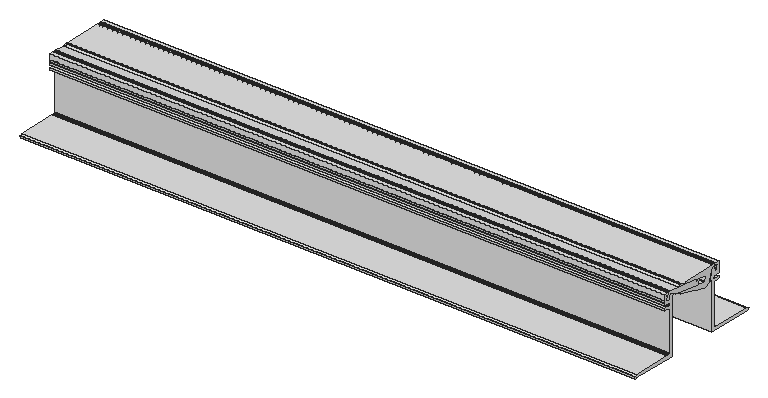
Revit family "Construction-Floors-Conecto-Aluminium Joints ALU AL.110.15", category Specialty Equipment, Revit 2015 (continued)
Definition of nested family "Standard"
  Automatic sketch dimensions
    level to Extrusion 10 sketch curve = 2.982 mm
    Extrusion 10 sketch curve to Extrusion 10 sketch curve = 0.616 mm
    level to Extrusion 10 sketch curve = 4.065 mm
    Extrusion 10 sketch curve to Extrusion 10 sketch curve = 0.46 mm
    Extrusion 10 sketch curve to Extrusion 10 sketch curve = 1.069 mm
    level to Extrusion 10 sketch curve = 4.898 mm
    Extrusion 10 sketch curve to Extrusion 10 sketch curve = 0.239 mm
    Extrusion 10 sketch curve to Extrusion 10 sketch curve = 0.299 mm
    level to Extrusion 10 sketch curve = 5.782 mm
    Extrusion 10 sketch curve to Extrusion 10 sketch curve = 0.14 mm
    Extrusion 10 sketch curve to Extrusion 10 sketch curve = 0.051 mm
    Extrusion 10 sketch curve to Extrusion 10 sketch curve = 0.96 mm
    Extrusion 10 sketch curve to Extrusion 10 sketch curve = 0.932 mm
    Extrusion 10 sketch curve to Extrusion 10 sketch curve = 0.703 mm
    Extrusion 10 sketch curve to Extrusion 10 sketch curve = 0.807 mm
    Extrusion 10 sketch curve to Extrusion 10 sketch curve = 0.86 mm
    Extrusion 10 sketch curve to Extrusion 10 sketch curve = 0.342 mm
    Extrusion 10 sketch curve to plane 6 = 14.683 mm
    Extrusion 10 sketch curve to Extrusion 10 sketch curve = 6.486 mm
    Extrusion 10 sketch curve to Extrusion 10 sketch curve = 0.821 mm
    level to Extrusion 10 sketch curve = 4.144 mm
    Extrusion 10 sketch curve to Extrusion 10 sketch curve = 0.721 mm
    Extrusion 10 sketch curve to Extrusion 10 sketch curve = 0.719 mm
    Extrusion 10 sketch curve to Extrusion 10 sketch curve = 0.829 mm
    Extrusion 10 sketch curve to Extrusion 10 sketch curve = 0.796 mm  (x2)
    Extrusion 10 sketch curve to Extrusion 10 sketch curve = 0.905 mm
    Extrusion 10 sketch curve to Extrusion 10 sketch curve = 0.964 mm
    Extrusion 10 sketch curve to Extrusion 10 sketch curve = 1.013 mm
    Extrusion 10 sketch curve to Extrusion 10 sketch curve = 0.867 mm
    Extrusion 10 sketch curve to Extrusion 10 sketch curve = 1.08 mm
    Extrusion 10 sketch curve to Extrusion 10 sketch curve = 0.826 mm
    Extrusion 10 sketch curve to Extrusion 10 sketch curve = 1.041 mm
    Extrusion 10 sketch curve to Extrusion 10 sketch curve = 0.869 mm
    Extrusion 10 sketch curve to Extrusion 10 sketch curve = 0.805 mm
    Extrusion 10 sketch curve to Extrusion 10 sketch curve = 0.791 mm
    Extrusion 10 sketch curve to Extrusion 10 sketch curve = 0.661 mm
    Extrusion 10 sketch curve to Extrusion 10 sketch curve = 0.6 mm
    Extrusion 10 sketch curve to Extrusion 10 sketch curve = 0.376 mm
    Extrusion 10 sketch curve to Extrusion 10 sketch curve = 0.465 mm
    Extrusion 10 sketch curve to Extrusion 10 sketch curve = 0.458 mm
    Extrusion 10 sketch curve to Extrusion 10 sketch curve = 0.345 mm
    Extrusion 10 sketch curve to Extrusion 10 sketch curve = 0.296 mm  (x2)
    Extrusion 10 sketch curve to Extrusion 10 sketch curve = 0.89 mm
    Extrusion 10 sketch curve to Extrusion 10 sketch curve = 0.179 mm
    Extrusion 10 sketch curve to Extrusion 10 sketch curve = 1.918 mm
    Extrusion 10 sketch curve to Extrusion 10 sketch curve = 1.017 mm
    Extrusion 10 sketch curve to Extrusion 10 sketch curve = 0.726 mm
    Extrusion 10 sketch curve to Extrusion 10 sketch curve = 0.9 mm
    Extrusion 10 sketch curve to Extrusion 10 sketch curve = 0.52 mm
    Extrusion 10 sketch curve to Extrusion 10 sketch curve = 1.176 mm
    Extrusion 10 sketch curve to Extrusion 10 sketch curve = 1.103 mm
    Extrusion 10 sketch curve to Extrusion 10 sketch curve = 0.335 mm
    Extrusion 10 sketch curve to Extrusion 10 sketch curve = 38.619 mm
    plane 5 to Extrusion 11 sketch curve = 76.237 mm
    Extrusion 11 sketch curve to Extrusion 11 sketch curve = 0.134 mm
    Extrusion 11 sketch curve to Extrusion 11 sketch curve = 0.685 mm  (x2)
    Extrusion 11 sketch curve to Extrusion 11 sketch curve = 0.826 mm
    Extrusion 11 sketch curve to Extrusion 11 sketch curve = 1.425 mm
    Extrusion 11 sketch curve to Extrusion 11 sketch curve = 2.078 mm
    plane 5 to Extrusion 11 sketch curve = 16.425 mm
    level to Extrusion 11 sketch curve = 5.747 mm
    Extrusion 11 sketch curve to Extrusion 11 sketch curve = 0.009 mm
    Extrusion 11 sketch curve to level = 2.04 mm
    Extrusion 11 sketch curve to Extrusion 11 sketch curve = 0.041 mm
    level to Extrusion 11 sketch curve = 1.308 mm
    Extrusion 11 sketch curve to Extrusion 11 sketch curve = 0.911 mm  (x2)
    Extrusion 11 sketch curve to Extrusion 11 sketch curve = 2.3 mm
    Extrusion 11 sketch curve to Extrusion 11 sketch curve = 2.339 mm
    Extrusion 11 sketch curve to Extrusion 11 sketch curve = 0.027 mm
    Extrusion 11 sketch curve to Extrusion 11 sketch curve = 0.499 mm
    Extrusion 11 sketch curve to Extrusion 11 sketch curve = 0.837 mm
    Extrusion 11 sketch curve to Extrusion 11 sketch curve = 0.786 mm  (x2)
    Extrusion 11 sketch curve to Extrusion 11 sketch curve = 0.774 mm  (x2)
    Extrusion 11 sketch curve to Extrusion 11 sketch curve = 0.425 mm
    Extrusion 11 sketch curve to Extrusion 11 sketch curve = 0.097 mm
    level to Extrusion 11 sketch curve = 4.708 mm
    Extrusion 11 sketch curve to Extrusion 11 sketch curve = 0.246 mm
    Extrusion 11 sketch curve to Extrusion 11 sketch curve = 0.831 mm
    level to Extrusion 11 sketch curve = 3.635 mm
    Extrusion 11 sketch curve to Extrusion 11 sketch curve = 0.349 mm
    Extrusion 11 sketch curve to Extrusion 11 sketch curve = 0.778 mm
    level to Extrusion 11 sketch curve = 2.711 mm
    Extrusion 11 sketch curve to Extrusion 11 sketch curve = 0.491 mm  (x2)
    plane 5 to Extrusion 11 sketch curve = 11.198 mm
    Extrusion 11 sketch curve to Extrusion 11 sketch curve = 0.697 mm
    Extrusion 11 sketch curve to Extrusion 11 sketch curve = 3.355 mm
    level to Extrusion 11 sketch curve = 2.329 mm
    Extrusion 11 sketch curve to Extrusion 11 sketch curve = 0.719 mm
    Extrusion 11 sketch curve to Extrusion 11 sketch curve = 0.595 mm
    Extrusion 11 sketch curve to Extrusion 11 sketch curve = 0.672 mm
    Extrusion 11 sketch curve to Extrusion 11 sketch curve = 0.908 mm
    Extrusion 11 sketch curve to Extrusion 11 sketch curve = 0.74 mm
    Extrusion 11 sketch curve to Extrusion 11 sketch curve = 0.885 mm  (x2)
    Extrusion 11 sketch curve to Extrusion 11 sketch curve = 0.607 mm
    Extrusion 11 sketch curve to level = 1.543 mm
    Extrusion 11 sketch curve to Extrusion 11 sketch curve = 0.827 mm
    Extrusion 11 sketch curve to Extrusion 11 sketch curve = 2.153 mm
    Extrusion 11 sketch curve to Extrusion 11 sketch curve = 0.459 mm
    Extrusion 11 sketch curve to Extrusion 11 sketch curve = 0.775 mm
    Extrusion 11 sketch curve to level = 1.317 mm
    Extrusion 11 sketch curve to Extrusion 11 sketch curve = 0.787 mm
    Extrusion 11 sketch curve to Extrusion 11 sketch curve = 4.161 mm
    Extrusion 11 sketch curve to Extrusion 11 sketch curve = 0.155 mm
    Extrusion 11 sketch curve to Extrusion 11 sketch curve = 2.645 mm
    Extrusion 11 sketch curve to Extrusion 11 sketch curve = 0.258 mm
    Extrusion 11 sketch curve to Extrusion 11 sketch curve = 0.789 mm
    Extrusion 11 sketch curve to Extrusion 11 sketch curve = 0.379 mm
    Extrusion 11 sketch curve to Extrusion 11 sketch curve = 0.889 mm
    Extrusion 11 sketch curve to Extrusion 11 sketch curve = 0.488 mm
    Extrusion 11 sketch curve to Extrusion 11 sketch curve = 1.704 mm
    level to Extrusion 11 sketch curve = 2.643 mm
    Extrusion 11 sketch curve to Extrusion 11 sketch curve = 0.741 mm
    Extrusion 11 sketch curve to Extrusion 11 sketch curve = 0.656 mm  (x2)
    level to Extrusion 11 sketch curve = 3.382 mm
    Extrusion 11 sketch curve to Extrusion 11 sketch curve = 0.298 mm
    Extrusion 11 sketch curve to Extrusion 11 sketch curve = 0.771 mm
    Extrusion 11 sketch curve to level = 1.619 mm
    Extrusion 11 sketch curve to Extrusion 11 sketch curve = 0.877 mm
    Extrusion 11 sketch curve to Extrusion 11 sketch curve = 0.492 mm
    Extrusion 11 sketch curve to Extrusion 11 sketch curve = 0.714 mm
    Extrusion 11 sketch curve to Extrusion 11 sketch curve = 0.418 mm
    Extrusion 11 sketch curve to Extrusion 11 sketch curve = 0.776 mm
    Extrusion 11 sketch curve to level = 2.093 mm
    Extrusion 11 sketch curve to Extrusion 11 sketch curve = 0.629 mm
    Extrusion 11 sketch curve to Extrusion 11 sketch curve = 0.721 mm
    Extrusion 11 sketch curve to Extrusion 11 sketch curve = 0.523 mm
    Extrusion 11 sketch curve to Extrusion 11 sketch curve = 0.922 mm
    Extrusion 11 sketch curve to Extrusion 11 sketch curve = 0.347 mm
    Extrusion 11 sketch curve to Extrusion 11 sketch curve = 0.484 mm
    Extrusion 11 sketch curve to Extrusion 11 sketch curve = 0.085 mm
    Extrusion 11 sketch curve to Extrusion 11 sketch curve = 0.931 mm
    Extrusion 11 sketch curve to Extrusion 11 sketch curve = 0.833 mm
    level to Extrusion 11 sketch curve = 0.382 mm
    plane 5 to Extrusion 11 sketch curve = 2.025 mm  (x2)
    Extrusion 11 sketch curve to Extrusion 11 sketch curve = 0.81 mm
    plane 5 to Extrusion 11 sketch curve = 0.891 mm  (x2)
    plane 5 to Extrusion 11 sketch curve = 0.11 mm
    Extrusion 11 sketch curve to Extrusion 11 sketch curve = 0.601 mm
    Extrusion 11 sketch curve to level = 2.913 mm
    Extrusion 11 sketch curve to Extrusion 11 sketch curve = 0.78 mm
    Extrusion 11 sketch curve to Extrusion 11 sketch curve = 0.804 mm
    Extrusion 11 sketch curve to Extrusion 11 sketch curve = 0.811 mm
    Extrusion 11 sketch curve to Extrusion 11 sketch curve = 2.532 mm
    Extrusion 11 sketch curve to Extrusion 11 sketch curve = 0.993 mm
    Extrusion 11 sketch curve to Extrusion 11 sketch curve = 0.391 mm
    Extrusion 11 sketch curve to Extrusion 11 sketch curve = 0.063 mm
    Extrusion 11 sketch curve to Extrusion 11 sketch curve = 0.673 mm
    Extrusion 11 sketch curve to Extrusion 11 sketch curve = 0.38 mm
    Extrusion 11 sketch curve to Extrusion 11 sketch curve = 0.252 mm
    Extrusion 11 sketch curve to Extrusion 11 sketch curve = 0.151 mm
    Extrusion 11 sketch curve to Extrusion 11 sketch curve = 3.295 mm
    Extrusion 11 sketch curve to Extrusion 11 sketch curve = 2.553 mm
    Extrusion 11 sketch curve to Extrusion 11 sketch curve = 0.406 mm
    Extrusion 11 sketch curve to Extrusion 11 sketch curve = 3.77 mm
    Extrusion 11 sketch curve to Extrusion 11 sketch curve = 0.794 mm
    Extrusion 11 sketch curve to Extrusion 11 sketch curve = 63.318 mm
    Extrusion 11 sketch curve to Extrusion 11 sketch curve = 1.56 mm
    Extrusion 11 sketch curve to Extrusion 11 sketch curve = 0.918 mm
    Extrusion 11 sketch curve to Extrusion 11 sketch curve = 0.284 mm
    Extrusion 11 sketch curve to Extrusion 11 sketch curve = 0.587 mm
    Extrusion 11 sketch curve to Extrusion 11 sketch curve = 1.2 mm
    Extrusion 11 sketch curve to Extrusion 11 sketch curve = 1.911 mm
    Extrusion 11 sketch curve to Extrusion 11 sketch curve = 0.578 mm
    Extrusion 11 sketch curve to Extrusion 11 sketch curve = 4.832 mm
    level to Extrusion 11 sketch curve = 0.222 mm
    Extrusion 11 sketch curve to Extrusion 11 sketch curve = 0.912 mm
    Extrusion 11 sketch curve to Extrusion 11 sketch curve = 0.917 mm
    Extrusion 11 sketch curve to Extrusion 11 sketch curve = 2.428 mm
    Extrusion 11 sketch curve to Extrusion 11 sketch curve = 0.795 mm
    Extrusion 11 sketch curve to Extrusion 11 sketch curve = 0.87 mm
    Extrusion 11 sketch curve to Extrusion 11 sketch curve = 2.001 mm
    Extrusion 11 sketch curve to Extrusion 11 sketch curve = 1.1 mm
    Extrusion 11 sketch curve to Extrusion 11 sketch curve = 1.105 mm
    Extrusion 11 sketch curve to Extrusion 11 sketch curve = 1.16 mm
    Extrusion 11 sketch curve to Extrusion 11 sketch curve = 0.798 mm
    Extrusion 11 sketch curve to Extrusion 11 sketch curve = 0.812 mm
    Extrusion 11 sketch curve to Extrusion 11 sketch curve = 1.3 mm
    Extrusion 11 sketch curve to Extrusion 11 sketch curve = 1.589 mm
    Extrusion 11 sketch curve to Extrusion 11 sketch curve = 0.729 mm
    Extrusion 11 sketch curve to Extrusion 11 sketch curve = 0.181 mm
    Extrusion 11 sketch curve to Extrusion 11 sketch curve = 0.71 mm
    Extrusion 11 sketch curve to Extrusion 11 sketch curve = 0.699 mm
    Extrusion 11 sketch curve to Extrusion 11 sketch curve = 0.638 mm
    Extrusion 11 sketch curve to Extrusion 11 sketch curve = 0.506 mm
    Extrusion 11 sketch curve to Extrusion 11 sketch curve = 0.373 mm
    Extrusion 11 sketch curve to Extrusion 11 sketch curve = 0.208 mm
    Extrusion 11 sketch curve to Extrusion 11 sketch curve = 0.144 mm
    Extrusion 11 sketch curve to Extrusion 11 sketch curve = 1.895 mm
    Extrusion 11 sketch curve to Extrusion 11 sketch curve = 0.735 mm
    Extrusion 11 sketch curve to Extrusion 11 sketch curve = 1.073 mm
    Extrusion 11 sketch curve to Extrusion 11 sketch curve = 0.031 mm
    Extrusion 11 sketch curve to Extrusion 11 sketch curve = 0.237 mm
    Extrusion 11 sketch curve to Extrusion 11 sketch curve = 0.765 mm
    Extrusion 11 sketch curve to Extrusion 11 sketch curve = 2.288 mm
    plane 5 to Extrusion 12 sketch curve = 76.237 mm
    Extrusion 12 sketch curve to Extrusion 12 sketch curve = 0.134 mm
    Extrusion 12 sketch curve to Extrusion 12 sketch curve = 0.685 mm  (x2)
    Extrusion 12 sketch curve to Extrusion 12 sketch curve = 0.826 mm
    Extrusion 12 sketch curve to Extrusion 12 sketch curve = 1.425 mm
    Extrusion 12 sketch curve to Extrusion 12 sketch curve = 2.071 mm
    Extrusion 12 sketch curve to level = 6.536 mm
    plane 5 to Extrusion 12 sketch curve = 16.425 mm
    level to Extrusion 12 sketch curve = 5.747 mm
    Extrusion 12 sketch curve to Extrusion 12 sketch curve = 0.009 mm
    Extrusion 12 sketch curve to level = 2.04 mm
    Extrusion 12 sketch curve to Extrusion 12 sketch curve = 0.041 mm
    level to Extrusion 12 sketch curve = 1.308 mm
    Extrusion 12 sketch curve to Extrusion 12 sketch curve = 0.911 mm  (x2)
    Extrusion 12 sketch curve to Extrusion 12 sketch curve = 2.3 mm
    Extrusion 12 sketch curve to Extrusion 12 sketch curve = 2.339 mm
    Extrusion 12 sketch curve to Extrusion 12 sketch curve = 0.027 mm
    Extrusion 12 sketch curve to Extrusion 12 sketch curve = 0.499 mm
    Extrusion 12 sketch curve to Extrusion 12 sketch curve = 0.837 mm
    Extrusion 12 sketch curve to Extrusion 12 sketch curve = 0.786 mm  (x2)
    Extrusion 12 sketch curve to Extrusion 12 sketch curve = 0.774 mm  (x2)
    Extrusion 12 sketch curve to Extrusion 12 sketch curve = 0.425 mm
    Extrusion 12 sketch curve to Extrusion 12 sketch curve = 0.097 mm
    level to Extrusion 12 sketch curve = 4.708 mm
    Extrusion 12 sketch curve to Extrusion 12 sketch curve = 0.246 mm
    Extrusion 12 sketch curve to Extrusion 12 sketch curve = 0.831 mm
    level to Extrusion 12 sketch curve = 3.635 mm
    Extrusion 12 sketch curve to Extrusion 12 sketch curve = 0.349 mm
    Extrusion 12 sketch curve to Extrusion 12 sketch curve = 0.778 mm
    level to Extrusion 12 sketch curve = 2.711 mm
    Extrusion 12 sketch curve to Extrusion 12 sketch curve = 0.491 mm  (x2)
    Extrusion 12 sketch curve to Extrusion 12 sketch curve = 0.697 mm
    Extrusion 12 sketch curve to Extrusion 12 sketch curve = 3.355 mm
    level to Extrusion 12 sketch curve = 2.329 mm
    Extrusion 12 sketch curve to Extrusion 12 sketch curve = 0.719 mm
    Extrusion 12 sketch curve to Extrusion 12 sketch curve = 0.595 mm
    Extrusion 12 sketch curve to Extrusion 12 sketch curve = 0.672 mm
    Extrusion 12 sketch curve to Extrusion 12 sketch curve = 0.908 mm
    Extrusion 12 sketch curve to Extrusion 12 sketch curve = 0.74 mm
    Extrusion 12 sketch curve to Extrusion 12 sketch curve = 0.885 mm  (x2)
    Extrusion 12 sketch curve to Extrusion 12 sketch curve = 0.607 mm
    Extrusion 12 sketch curve to level = 1.543 mm
    Extrusion 12 sketch curve to Extrusion 12 sketch curve = 0.827 mm
    Extrusion 12 sketch curve to Extrusion 12 sketch curve = 0.459 mm
    plane 5 to Extrusion 12 sketch curve = 8.705 mm
    Extrusion 12 sketch curve to Extrusion 12 sketch curve = 0.775 mm
    Extrusion 12 sketch curve to level = 1.317 mm
    Extrusion 12 sketch curve to Extrusion 12 sketch curve = 0.787 mm
    Extrusion 12 sketch curve to Extrusion 12 sketch curve = 4.161 mm
    Extrusion 12 sketch curve to Extrusion 12 sketch curve = 0.155 mm
    Extrusion 12 sketch curve to Extrusion 12 sketch curve = 2.645 mm
    Extrusion 12 sketch curve to Extrusion 12 sketch curve = 0.258 mm
    Extrusion 12 sketch curve to Extrusion 12 sketch curve = 0.789 mm
    Extrusion 12 sketch curve to Extrusion 12 sketch curve = 0.379 mm
    Extrusion 12 sketch curve to Extrusion 12 sketch curve = 0.889 mm
    Extrusion 12 sketch curve to Extrusion 12 sketch curve = 0.488 mm
    level to Extrusion 12 sketch curve = 2.643 mm
    Extrusion 12 sketch curve to Extrusion 12 sketch curve = 0.741 mm
    Extrusion 12 sketch curve to Extrusion 12 sketch curve = 0.656 mm  (x2)
    level to Extrusion 12 sketch curve = 3.382 mm
    Extrusion 12 sketch curve to Extrusion 12 sketch curve = 0.298 mm
    Extrusion 12 sketch curve to Extrusion 12 sketch curve = 2.115 mm
    Extrusion 12 sketch curve to level = 1.619 mm
    Extrusion 12 sketch curve to Extrusion 12 sketch curve = 0.877 mm
    Extrusion 12 sketch curve to Extrusion 12 sketch curve = 0.492 mm
    Extrusion 12 sketch curve to Extrusion 12 sketch curve = 0.714 mm
    Extrusion 12 sketch curve to Extrusion 12 sketch curve = 0.273 mm
    Extrusion 12 sketch curve to Extrusion 12 sketch curve = 0.776 mm
    Extrusion 12 sketch curve to level = 2.093 mm
    Extrusion 12 sketch curve to Extrusion 12 sketch curve = 0.629 mm
    Extrusion 12 sketch curve to Extrusion 12 sketch curve = 0.721 mm
    Extrusion 12 sketch curve to Extrusion 12 sketch curve = 0.523 mm
    Extrusion 12 sketch curve to Extrusion 12 sketch curve = 0.922 mm
    Extrusion 12 sketch curve to Extrusion 12 sketch curve = 0.347 mm
    Extrusion 12 sketch curve to Extrusion 12 sketch curve = 0.484 mm
    Extrusion 12 sketch curve to Extrusion 12 sketch curve = 0.085 mm
    Extrusion 12 sketch curve to Extrusion 12 sketch curve = 0.931 mm
    Extrusion 12 sketch curve to Extrusion 12 sketch curve = 0.833 mm
    plane 5 to Extrusion 12 sketch curve = 2.025 mm  (x2)
    level to Extrusion 12 sketch curve = 0.382 mm
    Extrusion 12 sketch curve to Extrusion 12 sketch curve = 0.81 mm
    plane 5 to Extrusion 12 sketch curve = 0.891 mm  (x2)
    plane 5 to Extrusion 12 sketch curve = 0.11 mm
    Extrusion 12 sketch curve to Extrusion 12 sketch curve = 0.218 mm
    Extrusion 12 sketch curve to Extrusion 12 sketch curve = 0.428 mm
    Extrusion 12 sketch curve to Extrusion 12 sketch curve = 0.38 mm
    Extrusion 12 sketch curve to Extrusion 12 sketch curve = 0.252 mm
    Extrusion 12 sketch curve to Extrusion 12 sketch curve = 0.151 mm
    Extrusion 12 sketch curve to Extrusion 12 sketch curve = 1.986 mm
    Extrusion 12 sketch curve to Extrusion 12 sketch curve = 2.553 mm
    Extrusion 12 sketch curve to Extrusion 12 sketch curve = 0.406 mm
    Extrusion 12 sketch curve to Extrusion 12 sketch curve = 3.77 mm
    Extrusion 12 sketch curve to Extrusion 12 sketch curve = 0.794 mm
    Extrusion 12 sketch curve to Extrusion 12 sketch curve = 53.088 mm
    Extrusion 12 sketch curve to Extrusion 12 sketch curve = 1.637 mm
    Extrusion 12 sketch curve to Extrusion 12 sketch curve = 1.221 mm
    Extrusion 12 sketch curve to Extrusion 12 sketch curve = 1.196 mm
    Extrusion 12 sketch curve to Extrusion 12 sketch curve = 1.911 mm
    Extrusion 12 sketch curve to Extrusion 12 sketch curve = 0.578 mm
    Extrusion 12 sketch curve to Extrusion 12 sketch curve = 0.175 mm
    Extrusion 12 sketch curve to Extrusion 12 sketch curve = 0.673 mm
    Extrusion 12 sketch curve to Extrusion 12 sketch curve = 3.295 mm
    Extrusion 12 sketch curve to Extrusion 12 sketch curve = 0.993 mm
    Extrusion 12 sketch curve to Extrusion 12 sketch curve = 0.811 mm
    Extrusion 12 sketch curve to Extrusion 12 sketch curve = 0.804 mm
    Extrusion 12 sketch curve to Extrusion 12 sketch curve = 2.532 mm
    Extrusion 12 sketch curve to Extrusion 12 sketch curve = 0.601 mm
    level to Extrusion 12 sketch curve = 0.222 mm
    Extrusion 12 sketch curve to Extrusion 12 sketch curve = 0.912 mm
    Extrusion 12 sketch curve to Extrusion 12 sketch curve = 0.917 mm
    Extrusion 12 sketch curve to Extrusion 12 sketch curve = 2.428 mm
    Extrusion 12 sketch curve to Extrusion 12 sketch curve = 0.795 mm
    Extrusion 12 sketch curve to Extrusion 12 sketch curve = 0.87 mm
    Extrusion 12 sketch curve to Extrusion 12 sketch curve = 2.001 mm
    Extrusion 12 sketch curve to Extrusion 12 sketch curve = 1.1 mm
    Extrusion 12 sketch curve to Extrusion 12 sketch curve = 1.105 mm
    Extrusion 12 sketch curve to Extrusion 12 sketch curve = 1.16 mm
    Extrusion 12 sketch curve to Extrusion 12 sketch curve = 0.798 mm
    Extrusion 12 sketch curve to Extrusion 12 sketch curve = 0.812 mm
    Extrusion 12 sketch curve to Extrusion 12 sketch curve = 1.3 mm
    Extrusion 12 sketch curve to Extrusion 12 sketch curve = 1.589 mm
    Extrusion 12 sketch curve to Extrusion 12 sketch curve = 0.729 mm
    Extrusion 12 sketch curve to Extrusion 12 sketch curve = 0.181 mm
    Extrusion 12 sketch curve to Extrusion 12 sketch curve = 0.71 mm
    Extrusion 12 sketch curve to Extrusion 12 sketch curve = 0.699 mm
    Extrusion 12 sketch curve to Extrusion 12 sketch curve = 0.638 mm
    Extrusion 12 sketch curve to Extrusion 12 sketch curve = 0.506 mm
    Extrusion 12 sketch curve to Extrusion 12 sketch curve = 0.373 mm
    Extrusion 12 sketch curve to Extrusion 12 sketch curve = 0.208 mm
    Extrusion 12 sketch curve to Extrusion 12 sketch curve = 0.144 mm
    Extrusion 12 sketch curve to Extrusion 12 sketch curve = 1.895 mm
    Extrusion 12 sketch curve to Extrusion 12 sketch curve = 0.735 mm
    Extrusion 12 sketch curve to Extrusion 12 sketch curve = 1.073 mm
    Extrusion 12 sketch curve to Extrusion 12 sketch curve = 0.031 mm
    Extrusion 12 sketch curve to Extrusion 12 sketch curve = 0.237 mm
    Extrusion 12 sketch curve to Extrusion 12 sketch curve = 0.765 mm
    Extrusion 12 sketch curve to Extrusion 12 sketch curve = 1.007 mm
    plane 5 to Extrusion 13 sketch curve = 76.337 mm
    Extrusion 13 sketch curve to Extrusion 13 sketch curve = 0.134 mm
    Extrusion 13 sketch curve to Extrusion 13 sketch curve = 0.685 mm  (x2)
    Extrusion 13 sketch curve to Extrusion 13 sketch curve = 0.826 mm
    Extrusion 13 sketch curve to Extrusion 13 sketch curve = 1.425 mm
    Extrusion 13 sketch curve to Extrusion 13 sketch curve = 2.203 mm
    Extrusion 13 sketch curve to level = 6.536 mm
    plane 5 to Extrusion 13 sketch curve = 16.425 mm
    level to Extrusion 13 sketch curve = 5.747 mm
    Extrusion 13 sketch curve to Extrusion 13 sketch curve = 0.009 mm
    level to Extrusion 13 sketch curve = 0.222 mm
    Extrusion 13 sketch curve to Extrusion 13 sketch curve = 0.032 mm
    level to Extrusion 13 sketch curve = 1.308 mm
    Extrusion 13 sketch curve to Extrusion 13 sketch curve = 0.911 mm  (x2)
    Extrusion 13 sketch curve to Extrusion 13 sketch curve = 2.3 mm
    Extrusion 13 sketch curve to Extrusion 13 sketch curve = 2.339 mm
    Extrusion 13 sketch curve to Extrusion 13 sketch curve = 0.027 mm
    Extrusion 13 sketch curve to Extrusion 13 sketch curve = 0.499 mm
    Extrusion 13 sketch curve to Extrusion 13 sketch curve = 0.837 mm
    Extrusion 13 sketch curve to Extrusion 13 sketch curve = 0.786 mm  (x2)
    Extrusion 13 sketch curve to Extrusion 13 sketch curve = 0.774 mm  (x2)
    Extrusion 13 sketch curve to Extrusion 13 sketch curve = 0.425 mm
    Extrusion 13 sketch curve to Extrusion 13 sketch curve = 0.097 mm
    level to Extrusion 13 sketch curve = 4.708 mm
    Extrusion 13 sketch curve to Extrusion 13 sketch curve = 0.246 mm
    Extrusion 13 sketch curve to Extrusion 13 sketch curve = 0.831 mm
    level to Extrusion 13 sketch curve = 3.635 mm
    Extrusion 13 sketch curve to Extrusion 13 sketch curve = 0.349 mm
    Extrusion 13 sketch curve to Extrusion 13 sketch curve = 0.778 mm
    level to Extrusion 13 sketch curve = 2.711 mm
    Extrusion 13 sketch curve to Extrusion 13 sketch curve = 0.491 mm  (x2)
    plane 5 to Extrusion 13 sketch curve = 11.216 mm
    Extrusion 13 sketch curve to Extrusion 13 sketch curve = 0.697 mm
    Extrusion 13 sketch curve to Extrusion 13 sketch curve = 3.355 mm
    Extrusion 13 sketch curve to Extrusion 13 sketch curve = 0.719 mm
    Extrusion 13 sketch curve to Extrusion 13 sketch curve = 0.595 mm
    Extrusion 13 sketch curve to level = 2.04 mm
    Extrusion 13 sketch curve to Extrusion 13 sketch curve = 0.672 mm
    Extrusion 13 sketch curve to Extrusion 13 sketch curve = 0.908 mm
    Extrusion 13 sketch curve to Extrusion 13 sketch curve = 0.74 mm
    Extrusion 13 sketch curve to Extrusion 13 sketch curve = 0.885 mm  (x2)
    Extrusion 13 sketch curve to Extrusion 13 sketch curve = 0.607 mm
    Extrusion 13 sketch curve to level = 1.543 mm
    Extrusion 13 sketch curve to Extrusion 13 sketch curve = 0.827 mm
    Extrusion 13 sketch curve to Extrusion 13 sketch curve = 0.459 mm
    Extrusion 13 sketch curve to Extrusion 13 sketch curve = 0.775 mm
    Extrusion 13 sketch curve to Extrusion 13 sketch curve = 2.808 mm
    Extrusion 13 sketch curve to Extrusion 13 sketch curve = 0.787 mm
    Extrusion 13 sketch curve to Extrusion 13 sketch curve = 4.161 mm
    Extrusion 13 sketch curve to Extrusion 13 sketch curve = 0.155 mm
    level to Extrusion 13 sketch curve = 2.329 mm
    Extrusion 13 sketch curve to Extrusion 13 sketch curve = 2.645 mm
    Extrusion 13 sketch curve to Extrusion 13 sketch curve = 0.258 mm
    Extrusion 13 sketch curve to Extrusion 13 sketch curve = 0.789 mm
    Extrusion 13 sketch curve to Extrusion 13 sketch curve = 0.379 mm
    Extrusion 13 sketch curve to Extrusion 13 sketch curve = 0.889 mm
    Extrusion 13 sketch curve to Extrusion 13 sketch curve = 0.488 mm
    level to Extrusion 13 sketch curve = 2.643 mm
    Extrusion 13 sketch curve to Extrusion 13 sketch curve = 0.741 mm
    Extrusion 13 sketch curve to Extrusion 13 sketch curve = 1.325 mm
    Extrusion 13 sketch curve to Extrusion 13 sketch curve = 0.656 mm  (x2)
    level to Extrusion 13 sketch curve = 3.382 mm
    Extrusion 13 sketch curve to Extrusion 13 sketch curve = 0.298 mm
    Extrusion 13 sketch curve to level = 1.619 mm
    Extrusion 13 sketch curve to Extrusion 13 sketch curve = 0.877 mm
    Extrusion 13 sketch curve to Extrusion 13 sketch curve = 0.492 mm
    Extrusion 13 sketch curve to Extrusion 13 sketch curve = 0.714 mm
    Extrusion 13 sketch curve to Extrusion 13 sketch curve = 0.273 mm
    Extrusion 13 sketch curve to Extrusion 13 sketch curve = 0.776 mm
    Extrusion 13 sketch curve to level = 2.093 mm
    Extrusion 13 sketch curve to Extrusion 13 sketch curve = 0.629 mm
    Extrusion 13 sketch curve to Extrusion 13 sketch curve = 0.721 mm
    Extrusion 13 sketch curve to Extrusion 13 sketch curve = 0.523 mm
    Extrusion 13 sketch curve to Extrusion 13 sketch curve = 0.922 mm
    Extrusion 13 sketch curve to Extrusion 13 sketch curve = 0.347 mm
    Extrusion 13 sketch curve to Extrusion 13 sketch curve = 0.484 mm
    Extrusion 13 sketch curve to Extrusion 13 sketch curve = 0.085 mm
    Extrusion 13 sketch curve to Extrusion 13 sketch curve = 0.931 mm
    Extrusion 13 sketch curve to Extrusion 13 sketch curve = 0.833 mm
    plane 5 to Extrusion 13 sketch curve = 2.025 mm  (x2)
    level to Extrusion 13 sketch curve = 0.382 mm
    Extrusion 13 sketch curve to Extrusion 13 sketch curve = 0.81 mm
    plane 5 to Extrusion 13 sketch curve = 0.891 mm  (x2)
    plane 5 to Extrusion 13 sketch curve = 0.11 mm
    Extrusion 13 sketch curve to Extrusion 13 sketch curve = 0.218 mm
    Extrusion 13 sketch curve to Extrusion 13 sketch curve = 0.428 mm
    Extrusion 13 sketch curve to Extrusion 13 sketch curve = 0.38 mm
    Extrusion 13 sketch curve to Extrusion 13 sketch curve = 0.252 mm
    Extrusion 13 sketch curve to Extrusion 13 sketch curve = 0.151 mm
    Extrusion 13 sketch curve to Extrusion 13 sketch curve = 1.986 mm
    Extrusion 13 sketch curve to Extrusion 13 sketch curve = 2.553 mm
    Extrusion 13 sketch curve to Extrusion 13 sketch curve = 0.406 mm
    Extrusion 13 sketch curve to Extrusion 13 sketch curve = 3.77 mm
    Extrusion 13 sketch curve to Extrusion 13 sketch curve = 0.794 mm
    Extrusion 13 sketch curve to Extrusion 13 sketch curve = 44.368 mm
    Extrusion 13 sketch curve to Extrusion 13 sketch curve = 1.15 mm
    Extrusion 13 sketch curve to level = 57.724 mm
    Extrusion 13 sketch curve to Extrusion 13 sketch curve = 0.704 mm
    Extrusion 13 sketch curve to Extrusion 13 sketch curve = 1.272 mm
    Extrusion 13 sketch curve to Extrusion 13 sketch curve = 1.911 mm
    Extrusion 13 sketch curve to Extrusion 13 sketch curve = 0.578 mm
    Extrusion 13 sketch curve to Extrusion 13 sketch curve = 5.129 mm
    Extrusion 13 sketch curve to Extrusion 13 sketch curve = 0.673 mm
    Extrusion 13 sketch curve to Extrusion 13 sketch curve = 3.295 mm
    Extrusion 13 sketch curve to Extrusion 13 sketch curve = 0.993 mm
    Extrusion 13 sketch curve to Extrusion 13 sketch curve = 0.811 mm
    Extrusion 13 sketch curve to Extrusion 13 sketch curve = 0.804 mm
    Extrusion 13 sketch curve to Extrusion 13 sketch curve = 2.532 mm
    Extrusion 13 sketch curve to Extrusion 13 sketch curve = 0.601 mm
    Extrusion 13 sketch curve to Extrusion 13 sketch curve = 0.302 mm
    Extrusion 13 sketch curve to Extrusion 13 sketch curve = 0.912 mm
    Extrusion 13 sketch curve to Extrusion 13 sketch curve = 0.917 mm
    Extrusion 13 sketch curve to Extrusion 13 sketch curve = 2.428 mm
    Extrusion 13 sketch curve to Extrusion 13 sketch curve = 0.795 mm
    Extrusion 13 sketch curve to Extrusion 13 sketch curve = 0.87 mm
    Extrusion 13 sketch curve to Extrusion 13 sketch curve = 2.001 mm
    Extrusion 13 sketch curve to Extrusion 13 sketch curve = 1.1 mm
    Extrusion 13 sketch curve to Extrusion 13 sketch curve = 1.105 mm
    Extrusion 13 sketch curve to Extrusion 13 sketch curve = 1.16 mm
    Extrusion 13 sketch curve to Extrusion 13 sketch curve = 0.798 mm
    Extrusion 13 sketch curve to Extrusion 13 sketch curve = 0.812 mm
    Extrusion 13 sketch curve to Extrusion 13 sketch curve = 1.3 mm
    Extrusion 13 sketch curve to Extrusion 13 sketch curve = 1.589 mm
    Extrusion 13 sketch curve to Extrusion 13 sketch curve = 0.729 mm
    Extrusion 13 sketch curve to Extrusion 13 sketch curve = 0.181 mm
    Extrusion 13 sketch curve to Extrusion 13 sketch curve = 0.71 mm
    Extrusion 13 sketch curve to Extrusion 13 sketch curve = 0.699 mm
    Extrusion 13 sketch curve to Extrusion 13 sketch curve = 0.638 mm
    Extrusion 13 sketch curve to Extrusion 13 sketch curve = 0.506 mm
    Extrusion 13 sketch curve to Extrusion 13 sketch curve = 0.373 mm
    Extrusion 13 sketch curve to Extrusion 13 sketch curve = 0.208 mm
    Extrusion 13 sketch curve to Extrusion 13 sketch curve = 0.144 mm
    Extrusion 13 sketch curve to Extrusion 13 sketch curve = 1.895 mm
    Extrusion 13 sketch curve to Extrusion 13 sketch curve = 0.735 mm
    Extrusion 13 sketch curve to Extrusion 13 sketch curve = 1.073 mm
    Extrusion 13 sketch curve to Extrusion 13 sketch curve = 0.031 mm
    Extrusion 13 sketch curve to Extrusion 13 sketch curve = 0.237 mm
    Extrusion 13 sketch curve to Extrusion 13 sketch curve = 0.765 mm
    Extrusion 13 sketch curve to Extrusion 13 sketch curve = 2.288 mm
    plane 5 to Extrusion 14 sketch curve = 76.26 mm
    Extrusion 14 sketch curve to Extrusion 14 sketch curve = 0.134 mm
    Extrusion 14 sketch curve to Extrusion 14 sketch curve = 0.685 mm  (x2)
    Extrusion 14 sketch curve to Extrusion 14 sketch curve = 0.826 mm
    Extrusion 14 sketch curve to Extrusion 14 sketch curve = 1.425 mm
    Extrusion 14 sketch curve to Extrusion 14 sketch curve = 2.063 mm
    Extrusion 14 sketch curve to level = 6.537 mm
    plane 5 to Extrusion 14 sketch curve = 16.424 mm
    level to Extrusion 14 sketch curve = 5.747 mm
    Extrusion 14 sketch curve to Extrusion 14 sketch curve = 0.009 mm
    level to Extrusion 14 sketch curve = 0.222 mm
    Extrusion 14 sketch curve to Extrusion 14 sketch curve = 0.032 mm
    level to Extrusion 14 sketch curve = 1.308 mm
    Extrusion 14 sketch curve to Extrusion 14 sketch curve = 0.911 mm  (x2)
    Extrusion 14 sketch curve to Extrusion 14 sketch curve = 2.3 mm
    Extrusion 14 sketch curve to Extrusion 14 sketch curve = 2.339 mm
    Extrusion 14 sketch curve to Extrusion 14 sketch curve = 0.027 mm
    Extrusion 14 sketch curve to Extrusion 14 sketch curve = 0.499 mm
    Extrusion 14 sketch curve to Extrusion 14 sketch curve = 0.837 mm
    Extrusion 14 sketch curve to Extrusion 14 sketch curve = 0.786 mm  (x2)
    Extrusion 14 sketch curve to Extrusion 14 sketch curve = 0.774 mm  (x2)
    Extrusion 14 sketch curve to Extrusion 14 sketch curve = 0.425 mm
    Extrusion 14 sketch curve to Extrusion 14 sketch curve = 0.097 mm
    level to Extrusion 14 sketch curve = 4.708 mm
    Extrusion 14 sketch curve to Extrusion 14 sketch curve = 0.246 mm
    Extrusion 14 sketch curve to Extrusion 14 sketch curve = 0.831 mm
    level to Extrusion 14 sketch curve = 3.634 mm
    Extrusion 14 sketch curve to Extrusion 14 sketch curve = 0.349 mm
    Extrusion 14 sketch curve to Extrusion 14 sketch curve = 0.778 mm
    level to Extrusion 14 sketch curve = 2.711 mm
    Extrusion 14 sketch curve to Extrusion 14 sketch curve = 0.491 mm  (x2)
    plane 5 to Extrusion 14 sketch curve = 11.111 mm
    Extrusion 14 sketch curve to Extrusion 14 sketch curve = 0.697 mm
    Extrusion 14 sketch curve to Extrusion 14 sketch curve = 3.355 mm
    level to Extrusion 14 sketch curve = 2.328 mm
    Extrusion 14 sketch curve to Extrusion 14 sketch curve = 0.719 mm
    Extrusion 14 sketch curve to Extrusion 14 sketch curve = 0.595 mm
    Extrusion 14 sketch curve to level = 2.04 mm
    Extrusion 14 sketch curve to Extrusion 14 sketch curve = 0.672 mm
    Extrusion 14 sketch curve to Extrusion 14 sketch curve = 0.908 mm
    Extrusion 14 sketch curve to Extrusion 14 sketch curve = 0.74 mm
    Extrusion 14 sketch curve to Extrusion 14 sketch curve = 0.885 mm  (x2)
    Extrusion 14 sketch curve to Extrusion 14 sketch curve = 1.689 mm
    Extrusion 14 sketch curve to Extrusion 14 sketch curve = 0.607 mm
    Extrusion 14 sketch curve to level = 1.543 mm
    Extrusion 14 sketch curve to Extrusion 14 sketch curve = 0.827 mm
    Extrusion 14 sketch curve to Extrusion 14 sketch curve = 0.459 mm
    Extrusion 14 sketch curve to Extrusion 14 sketch curve = 0.789 mm  (x2)
    Extrusion 14 sketch curve to Extrusion 14 sketch curve = 0.775 mm
    Extrusion 14 sketch curve to Extrusion 14 sketch curve = 0.787 mm
    Extrusion 14 sketch curve to Extrusion 14 sketch curve = 4.012 mm
    Extrusion 14 sketch curve to Extrusion 14 sketch curve = 0.155 mm
    Extrusion 14 sketch curve to Extrusion 14 sketch curve = 2.645 mm
    Extrusion 14 sketch curve to Extrusion 14 sketch curve = 0.258 mm
    Extrusion 14 sketch curve to Extrusion 14 sketch curve = 0.379 mm
    Extrusion 14 sketch curve to Extrusion 14 sketch curve = 0.889 mm
    Extrusion 14 sketch curve to Extrusion 14 sketch curve = 0.488 mm
    Extrusion 14 sketch curve to Extrusion 14 sketch curve = 1.351 mm
    level to Extrusion 14 sketch curve = 2.643 mm
    Extrusion 14 sketch curve to Extrusion 14 sketch curve = 0.741 mm
    Extrusion 14 sketch curve to Extrusion 14 sketch curve = 0.656 mm  (x2)
    level to Extrusion 14 sketch curve = 3.381 mm
    Extrusion 14 sketch curve to Extrusion 14 sketch curve = 0.298 mm
    Extrusion 14 sketch curve to Extrusion 14 sketch curve = 0.735 mm  (x2)
    Extrusion 14 sketch curve to level = 1.619 mm
    Extrusion 14 sketch curve to Extrusion 14 sketch curve = 0.877 mm
    Extrusion 14 sketch curve to Extrusion 14 sketch curve = 0.492 mm  (x2)
    Extrusion 14 sketch curve to Extrusion 14 sketch curve = 0.714 mm
    Extrusion 14 sketch curve to Extrusion 14 sketch curve = 0.273 mm
    Extrusion 14 sketch curve to Extrusion 14 sketch curve = 0.776 mm
    Extrusion 14 sketch curve to level = 2.094 mm
    Extrusion 14 sketch curve to Extrusion 14 sketch curve = 0.629 mm
    Extrusion 14 sketch curve to Extrusion 14 sketch curve = 0.721 mm
    Extrusion 14 sketch curve to Extrusion 14 sketch curve = 0.523 mm
    Extrusion 14 sketch curve to Extrusion 14 sketch curve = 0.922 mm
    Extrusion 14 sketch curve to Extrusion 14 sketch curve = 0.347 mm
    Extrusion 14 sketch curve to Extrusion 14 sketch curve = 0.484 mm
    Extrusion 14 sketch curve to Extrusion 14 sketch curve = 0.085 mm
    Extrusion 14 sketch curve to Extrusion 14 sketch curve = 0.931 mm
    Extrusion 14 sketch curve to Extrusion 14 sketch curve = 0.833 mm
    plane 5 to Extrusion 14 sketch curve = 2.024 mm  (x2)
    Extrusion 14 sketch curve to Extrusion 14 sketch curve = 0.81 mm
    plane 5 to Extrusion 14 sketch curve = 0.889 mm  (x2)
    plane 5 to Extrusion 14 sketch curve = 0.108 mm
    Extrusion 14 sketch curve to Extrusion 14 sketch curve = 0.218 mm
    Extrusion 14 sketch curve to Extrusion 14 sketch curve = 0.428 mm
    Extrusion 14 sketch curve to Extrusion 14 sketch curve = 0.38 mm
    Extrusion 14 sketch curve to Extrusion 14 sketch curve = 0.252 mm
    Extrusion 14 sketch curve to Extrusion 14 sketch curve = 0.151 mm
    Extrusion 14 sketch curve to Extrusion 14 sketch curve = 1.986 mm
    Extrusion 14 sketch curve to Extrusion 14 sketch curve = 2.553 mm
    Extrusion 14 sketch curve to Extrusion 14 sketch curve = 0.406 mm
    Extrusion 14 sketch curve to Extrusion 14 sketch curve = 3.77 mm
    Extrusion 14 sketch curve to Extrusion 14 sketch curve = 0.794 mm
    Extrusion 14 sketch curve to Extrusion 14 sketch curve = 28.885 mm
    Extrusion 14 sketch curve to Extrusion 14 sketch curve = 1.089 mm
    Extrusion 14 sketch curve to Extrusion 14 sketch curve = 0.876 mm
    Extrusion 14 sketch curve to level = 42.843 mm
    Extrusion 14 sketch curve to Extrusion 14 sketch curve = 0.069 mm
    Extrusion 14 sketch curve to Extrusion 14 sketch curve = 1.191 mm
    Extrusion 14 sketch curve to Extrusion 14 sketch curve = 1.911 mm
    Extrusion 14 sketch curve to Extrusion 14 sketch curve = 0.578 mm
    Extrusion 14 sketch curve to Extrusion 14 sketch curve = 0.175 mm
    Extrusion 14 sketch curve to Extrusion 14 sketch curve = 0.673 mm
    Extrusion 14 sketch curve to Extrusion 14 sketch curve = 3.295 mm
    Extrusion 14 sketch curve to Extrusion 14 sketch curve = 0.993 mm
    Extrusion 14 sketch curve to Extrusion 14 sketch curve = 0.811 mm
    Extrusion 14 sketch curve to Extrusion 14 sketch curve = 0.804 mm
    Extrusion 14 sketch curve to Extrusion 14 sketch curve = 2.532 mm
    Extrusion 14 sketch curve to Extrusion 14 sketch curve = 0.601 mm
    Extrusion 14 sketch curve to Extrusion 14 sketch curve = 0.302 mm
    level to Extrusion 14 sketch curve = 0.382 mm
    Extrusion 14 sketch curve to Extrusion 14 sketch curve = 0.912 mm
    Extrusion 14 sketch curve to Extrusion 14 sketch curve = 0.917 mm
    Extrusion 14 sketch curve to Extrusion 14 sketch curve = 2.428 mm
    Extrusion 14 sketch curve to Extrusion 14 sketch curve = 0.795 mm
    Extrusion 14 sketch curve to Extrusion 14 sketch curve = 0.87 mm
    Extrusion 14 sketch curve to Extrusion 14 sketch curve = 2.001 mm
    Extrusion 14 sketch curve to Extrusion 14 sketch curve = 1.1 mm
    Extrusion 14 sketch curve to Extrusion 14 sketch curve = 1.105 mm
    Extrusion 14 sketch curve to Extrusion 14 sketch curve = 1.16 mm
    Extrusion 14 sketch curve to Extrusion 14 sketch curve = 0.798 mm
    Extrusion 14 sketch curve to Extrusion 14 sketch curve = 0.812 mm
    Extrusion 14 sketch curve to Extrusion 14 sketch curve = 1.3 mm
    Extrusion 14 sketch curve to Extrusion 14 sketch curve = 1.589 mm
    Extrusion 14 sketch curve to Extrusion 14 sketch curve = 0.729 mm
    Extrusion 14 sketch curve to Extrusion 14 sketch curve = 0.181 mm
    Extrusion 14 sketch curve to Extrusion 14 sketch curve = 0.71 mm
    Extrusion 14 sketch curve to Extrusion 14 sketch curve = 0.699 mm
    Extrusion 14 sketch curve to Extrusion 14 sketch curve = 0.638 mm
    Extrusion 14 sketch curve to Extrusion 14 sketch curve = 0.506 mm
    Extrusion 14 sketch curve to Extrusion 14 sketch curve = 0.373 mm
    Extrusion 14 sketch curve to Extrusion 14 sketch curve = 0.208 mm
    Extrusion 14 sketch curve to Extrusion 14 sketch curve = 0.144 mm
    Extrusion 14 sketch curve to Extrusion 14 sketch curve = 1.895 mm
    Extrusion 14 sketch curve to Extrusion 14 sketch curve = 1.073 mm
    Extrusion 14 sketch curve to Extrusion 14 sketch curve = 0.031 mm
    Extrusion 14 sketch curve to Extrusion 14 sketch curve = 0.237 mm
    Extrusion 14 sketch curve to Extrusion 14 sketch curve = 0.765 mm
    Extrusion 14 sketch curve to Extrusion 14 sketch curve = 2.288 mm
    Extrusion 15 sketch curve to level = 34.682 mm
    plane 5 to Extrusion 15 sketch curve = 76.262 mm
    Extrusion 15 sketch curve to level = 36.593 mm
    Extrusion 15 sketch curve to Extrusion 15 sketch curve = 0.134 mm
    Extrusion 15 sketch curve to level = 33.997 mm
    Extrusion 15 sketch curve to Extrusion 15 sketch curve = 0.685 mm
    Extrusion 15 sketch curve to level = 37.171 mm
    Extrusion 15 sketch curve to Extrusion 15 sketch curve = 0.826 mm
    Extrusion 15 sketch curve to Extrusion 15 sketch curve = 1.425 mm
    Extrusion 15 sketch curve to Extrusion 15 sketch curve = 2.053 mm
    Extrusion 15 sketch curve to level = 6.536 mm
    plane 5 to Extrusion 15 sketch curve = 16.425 mm
    level to Extrusion 15 sketch curve = 5.747 mm
    Extrusion 15 sketch curve to Extrusion 15 sketch curve = 0.009 mm
    level to Extrusion 15 sketch curve = 0.222 mm
    Extrusion 15 sketch curve to Extrusion 15 sketch curve = 0.032 mm
    level to Extrusion 15 sketch curve = 1.308 mm
    Extrusion 15 sketch curve to Extrusion 15 sketch curve = 0.911 mm  (x2)
    Extrusion 15 sketch curve to Extrusion 15 sketch curve = 2.3 mm
    Extrusion 15 sketch curve to Extrusion 15 sketch curve = 2.339 mm
    Extrusion 15 sketch curve to Extrusion 15 sketch curve = 0.027 mm
    Extrusion 15 sketch curve to Extrusion 15 sketch curve = 0.499 mm
    Extrusion 15 sketch curve to Extrusion 15 sketch curve = 0.837 mm
    Extrusion 15 sketch curve to Extrusion 15 sketch curve = 0.786 mm  (x2)
    Extrusion 15 sketch curve to Extrusion 15 sketch curve = 0.774 mm  (x2)
    Extrusion 15 sketch curve to Extrusion 15 sketch curve = 0.425 mm
    Extrusion 15 sketch curve to Extrusion 15 sketch curve = 0.097 mm
    level to Extrusion 15 sketch curve = 4.708 mm
    Extrusion 15 sketch curve to Extrusion 15 sketch curve = 0.246 mm
    Extrusion 15 sketch curve to Extrusion 15 sketch curve = 0.831 mm
    level to Extrusion 15 sketch curve = 3.635 mm
    Extrusion 15 sketch curve to Extrusion 15 sketch curve = 0.349 mm
    Extrusion 15 sketch curve to Extrusion 15 sketch curve = 0.778 mm
    level to Extrusion 15 sketch curve = 2.711 mm
    Extrusion 15 sketch curve to Extrusion 15 sketch curve = 0.491 mm  (x2)
    plane 5 to Extrusion 15 sketch curve = 11.219 mm
    Extrusion 15 sketch curve to Extrusion 15 sketch curve = 0.697 mm
    Extrusion 15 sketch curve to Extrusion 15 sketch curve = 3.355 mm
    Extrusion 15 sketch curve to Extrusion 15 sketch curve = 0.719 mm
    Extrusion 15 sketch curve to Extrusion 15 sketch curve = 0.595 mm
    Extrusion 15 sketch curve to Extrusion 15 sketch curve = 0.952 mm
    Extrusion 15 sketch curve to level = 2.04 mm
    Extrusion 15 sketch curve to Extrusion 15 sketch curve = 0.672 mm
    Extrusion 15 sketch curve to Extrusion 15 sketch curve = 0.908 mm
    Extrusion 15 sketch curve to Extrusion 15 sketch curve = 0.74 mm
    Extrusion 15 sketch curve to Extrusion 15 sketch curve = 0.885 mm  (x2)
    Extrusion 15 sketch curve to Extrusion 15 sketch curve = 0.607 mm
    Extrusion 15 sketch curve to level = 1.543 mm
    Extrusion 15 sketch curve to Extrusion 15 sketch curve = 0.827 mm
    Extrusion 15 sketch curve to Extrusion 15 sketch curve = 0.459 mm
    Extrusion 15 sketch curve to Extrusion 15 sketch curve = 0.775 mm
    Extrusion 15 sketch curve to level = 1.317 mm
    Extrusion 15 sketch curve to Extrusion 15 sketch curve = 0.787 mm
    Extrusion 15 sketch curve to Extrusion 15 sketch curve = 4.161 mm
    Extrusion 15 sketch curve to Extrusion 15 sketch curve = 2.296 mm
    Extrusion 15 sketch curve to Extrusion 15 sketch curve = 0.155 mm
    level to Extrusion 15 sketch curve = 2.329 mm
    Extrusion 15 sketch curve to Extrusion 15 sketch curve = 2.645 mm
    Extrusion 15 sketch curve to Extrusion 15 sketch curve = 0.258 mm
    Extrusion 15 sketch curve to Extrusion 15 sketch curve = 0.789 mm
    Extrusion 15 sketch curve to Extrusion 15 sketch curve = 0.379 mm
    Extrusion 15 sketch curve to Extrusion 15 sketch curve = 0.889 mm
    Extrusion 15 sketch curve to Extrusion 15 sketch curve = 0.488 mm
    level to Extrusion 15 sketch curve = 2.643 mm
    Extrusion 15 sketch curve to Extrusion 15 sketch curve = 0.741 mm
    Extrusion 15 sketch curve to Extrusion 15 sketch curve = 1.052 mm
    Extrusion 15 sketch curve to Extrusion 15 sketch curve = 0.656 mm  (x2)
    level to Extrusion 15 sketch curve = 3.382 mm
    Extrusion 15 sketch curve to Extrusion 15 sketch curve = 0.298 mm
    Extrusion 15 sketch curve to level = 1.619 mm
    Extrusion 15 sketch curve to Extrusion 15 sketch curve = 0.877 mm
    Extrusion 15 sketch curve to Extrusion 15 sketch curve = 0.492 mm
    Extrusion 15 sketch curve to Extrusion 15 sketch curve = 0.714 mm
    Extrusion 15 sketch curve to Extrusion 15 sketch curve = 0.767 mm
    Extrusion 15 sketch curve to Extrusion 15 sketch curve = 0.776 mm
    Extrusion 15 sketch curve to level = 2.093 mm
    Extrusion 15 sketch curve to Extrusion 15 sketch curve = 0.629 mm
    Extrusion 15 sketch curve to Extrusion 15 sketch curve = 0.721 mm
    Extrusion 15 sketch curve to Extrusion 15 sketch curve = 0.523 mm
    Extrusion 15 sketch curve to Extrusion 15 sketch curve = 0.922 mm
    Extrusion 15 sketch curve to Extrusion 15 sketch curve = 0.347 mm
    Extrusion 15 sketch curve to Extrusion 15 sketch curve = 0.484 mm
    Extrusion 15 sketch curve to Extrusion 15 sketch curve = 0.085 mm
    Extrusion 15 sketch curve to Extrusion 15 sketch curve = 0.931 mm
    Extrusion 15 sketch curve to Extrusion 15 sketch curve = 0.833 mm
    plane 5 to Extrusion 15 sketch curve = 2.025 mm  (x2)
    level to Extrusion 15 sketch curve = 0.382 mm
    Extrusion 15 sketch curve to Extrusion 15 sketch curve = 0.81 mm
    plane 5 to Extrusion 15 sketch curve = 0.891 mm  (x2)
    plane 5 to Extrusion 15 sketch curve = 0.11 mm
    Extrusion 15 sketch curve to Extrusion 15 sketch curve = 30.81 mm
    Extrusion 15 sketch curve to Extrusion 15 sketch curve = 4.279 mm
    Extrusion 15 sketch curve to Extrusion 15 sketch curve = 0.241 mm
    Extrusion 15 sketch curve to Extrusion 15 sketch curve = 0.255 mm
    Extrusion 15 sketch curve to Extrusion 15 sketch curve = 0.882 mm
    Extrusion 15 sketch curve to Extrusion 15 sketch curve = 1.898 mm
    Extrusion 15 sketch curve to Extrusion 15 sketch curve = 5.162 mm
    Extrusion 15 sketch curve to Extrusion 15 sketch curve = 0.794 mm
    Extrusion 15 sketch curve to Extrusion 15 sketch curve = 2.958 mm
    Extrusion 15 sketch curve to Extrusion 15 sketch curve = 0.406 mm
    Extrusion 15 sketch curve to Extrusion 15 sketch curve = 2.164 mm
    Extrusion 15 sketch curve to Extrusion 15 sketch curve = 0.749 mm
    Extrusion 15 sketch curve to Extrusion 15 sketch curve = 0.069 mm
    Extrusion 15 sketch curve to Extrusion 15 sketch curve = 0.151 mm
    Extrusion 15 sketch curve to Extrusion 15 sketch curve = 0.252 mm
    Extrusion 15 sketch curve to Extrusion 15 sketch curve = 0.38 mm
    Extrusion 15 sketch curve to Extrusion 15 sketch curve = 0.673 mm
    Extrusion 15 sketch curve to Extrusion 15 sketch curve = 3.295 mm
    Extrusion 15 sketch curve to Extrusion 15 sketch curve = 0.993 mm
    Extrusion 15 sketch curve to Extrusion 15 sketch curve = 0.811 mm
    Extrusion 15 sketch curve to Extrusion 15 sketch curve = 0.804 mm
    Extrusion 15 sketch curve to Extrusion 15 sketch curve = 2.532 mm
    Extrusion 15 sketch curve to Extrusion 15 sketch curve = 0.601 mm
    Extrusion 15 sketch curve to Extrusion 15 sketch curve = 0.912 mm
    Extrusion 15 sketch curve to Extrusion 15 sketch curve = 0.917 mm
    Extrusion 15 sketch curve to Extrusion 15 sketch curve = 2.428 mm
    Extrusion 15 sketch curve to Extrusion 15 sketch curve = 0.795 mm
    Extrusion 15 sketch curve to Extrusion 15 sketch curve = 0.87 mm
    Extrusion 15 sketch curve to Extrusion 15 sketch curve = 2.001 mm
    Extrusion 15 sketch curve to Extrusion 15 sketch curve = 1.1 mm
    Extrusion 15 sketch curve to Extrusion 15 sketch curve = 1.105 mm
    Extrusion 15 sketch curve to Extrusion 15 sketch curve = 1.16 mm
    Extrusion 15 sketch curve to Extrusion 15 sketch curve = 0.798 mm
    Extrusion 15 sketch curve to Extrusion 15 sketch curve = 0.812 mm
    Extrusion 15 sketch curve to Extrusion 15 sketch curve = 1.3 mm
    Extrusion 15 sketch curve to Extrusion 15 sketch curve = 1.589 mm
    Extrusion 15 sketch curve to Extrusion 15 sketch curve = 0.729 mm
    Extrusion 15 sketch curve to Extrusion 15 sketch curve = 0.181 mm
    Extrusion 15 sketch curve to Extrusion 15 sketch curve = 0.71 mm
    Extrusion 15 sketch curve to Extrusion 15 sketch curve = 0.699 mm
    Extrusion 15 sketch curve to Extrusion 15 sketch curve = 0.638 mm
    Extrusion 15 sketch curve to Extrusion 15 sketch curve = 0.506 mm
    Extrusion 15 sketch curve to Extrusion 15 sketch curve = 0.373 mm
    Extrusion 15 sketch curve to Extrusion 15 sketch curve = 0.208 mm
    Extrusion 15 sketch curve to Extrusion 15 sketch curve = 0.144 mm
    Extrusion 15 sketch curve to Extrusion 15 sketch curve = 1.895 mm
    Extrusion 15 sketch curve to Extrusion 15 sketch curve = 0.735 mm
    Extrusion 15 sketch curve to Extrusion 15 sketch curve = 1.073 mm
    Extrusion 15 sketch curve to Extrusion 15 sketch curve = 0.031 mm
    Extrusion 15 sketch curve to Extrusion 15 sketch curve = 0.237 mm
    Extrusion 15 sketch curve to Extrusion 15 sketch curve = 0.765 mm
    Extrusion 15 sketch curve to Extrusion 15 sketch curve = 1.007 mm
    Extrusion 16 sketch curve to level = 24.532 mm
    plane 5 to Extrusion 16 sketch curve = 76.279 mm
    Extrusion 16 sketch curve to level = 26.443 mm
    Extrusion 16 sketch curve to Extrusion 16 sketch curve = 0.134 mm
    Extrusion 16 sketch curve to level = 23.848 mm
    Extrusion 16 sketch curve to Extrusion 16 sketch curve = 0.685 mm
    Extrusion 16 sketch curve to level = 27.021 mm
    Extrusion 16 sketch curve to Extrusion 16 sketch curve = 0.826 mm
    Extrusion 16 sketch curve to level = 27.196 mm
    Extrusion 16 sketch curve to Extrusion 16 sketch curve = 1.425 mm
    Extrusion 16 sketch curve to Extrusion 16 sketch curve = 2.047 mm
    Extrusion 16 sketch curve to level = 6.516 mm
    plane 5 to Extrusion 16 sketch curve = 16.442 mm
    level to Extrusion 16 sketch curve = 5.768 mm
    Extrusion 16 sketch curve to Extrusion 16 sketch curve = 0.009 mm
    Extrusion 16 sketch curve to level = 2.019 mm
    Extrusion 16 sketch curve to Extrusion 16 sketch curve = 0.041 mm
    level to Extrusion 16 sketch curve = 1.329 mm
    Extrusion 16 sketch curve to Extrusion 16 sketch curve = 0.911 mm  (x2)
    Extrusion 16 sketch curve to Extrusion 16 sketch curve = 2.3 mm
    Extrusion 16 sketch curve to Extrusion 16 sketch curve = 2.339 mm
    Extrusion 16 sketch curve to Extrusion 16 sketch curve = 0.027 mm
    Extrusion 16 sketch curve to Extrusion 16 sketch curve = 0.499 mm
    Extrusion 16 sketch curve to Extrusion 16 sketch curve = 0.837 mm
    Extrusion 16 sketch curve to Extrusion 16 sketch curve = 0.786 mm  (x2)
    Extrusion 16 sketch curve to Extrusion 16 sketch curve = 0.774 mm  (x2)
    Extrusion 16 sketch curve to Extrusion 16 sketch curve = 0.425 mm
    Extrusion 16 sketch curve to Extrusion 16 sketch curve = 0.097 mm
    level to Extrusion 16 sketch curve = 4.729 mm
    Extrusion 16 sketch curve to Extrusion 16 sketch curve = 0.246 mm  (x2)
    Extrusion 16 sketch curve to Extrusion 16 sketch curve = 0.831 mm
    level to Extrusion 16 sketch curve = 3.655 mm
    Extrusion 16 sketch curve to Extrusion 16 sketch curve = 0.349 mm
    Extrusion 16 sketch curve to Extrusion 16 sketch curve = 0.778 mm
    level to Extrusion 16 sketch curve = 2.732 mm
    Extrusion 16 sketch curve to Extrusion 16 sketch curve = 0.491 mm  (x2)
    plane 5 to Extrusion 16 sketch curve = 11.178 mm
    Extrusion 16 sketch curve to Extrusion 16 sketch curve = 0.697 mm
    Extrusion 16 sketch curve to Extrusion 16 sketch curve = 3.355 mm
    level to Extrusion 16 sketch curve = 2.35 mm
    Extrusion 16 sketch curve to Extrusion 16 sketch curve = 0.719 mm
    Extrusion 16 sketch curve to Extrusion 16 sketch curve = 0.595 mm
    Extrusion 16 sketch curve to Extrusion 16 sketch curve = 0.672 mm
    Extrusion 16 sketch curve to Extrusion 16 sketch curve = 0.908 mm
    Extrusion 16 sketch curve to Extrusion 16 sketch curve = 1.394 mm
    Extrusion 16 sketch curve to Extrusion 16 sketch curve = 0.74 mm
    Extrusion 16 sketch curve to Extrusion 16 sketch curve = 0.885 mm  (x2)
    Extrusion 16 sketch curve to Extrusion 16 sketch curve = 0.607 mm
    Extrusion 16 sketch curve to level = 1.522 mm
    Extrusion 16 sketch curve to Extrusion 16 sketch curve = 0.827 mm
    Extrusion 16 sketch curve to Extrusion 16 sketch curve = 0.459 mm
    Extrusion 16 sketch curve to Extrusion 16 sketch curve = 0.775 mm
    Extrusion 16 sketch curve to Extrusion 16 sketch curve = 1.332 mm
    Extrusion 16 sketch curve to Extrusion 16 sketch curve = 0.787 mm
    Extrusion 16 sketch curve to Extrusion 16 sketch curve = 4.161 mm
    Extrusion 16 sketch curve to Extrusion 16 sketch curve = 0.155 mm
    Extrusion 16 sketch curve to Extrusion 16 sketch curve = 2.645 mm
    Extrusion 16 sketch curve to Extrusion 16 sketch curve = 0.258 mm
    Extrusion 16 sketch curve to Extrusion 16 sketch curve = 0.789 mm
    Extrusion 16 sketch curve to Extrusion 16 sketch curve = 0.379 mm
    Extrusion 16 sketch curve to Extrusion 16 sketch curve = 1.017 mm
    Extrusion 16 sketch curve to Extrusion 16 sketch curve = 0.889 mm  (x2)
    Extrusion 16 sketch curve to Extrusion 16 sketch curve = 0.488 mm
    level to Extrusion 16 sketch curve = 2.664 mm
    Extrusion 16 sketch curve to Extrusion 16 sketch curve = 0.741 mm
    Extrusion 16 sketch curve to Extrusion 16 sketch curve = 0.656 mm  (x2)
    level to Extrusion 16 sketch curve = 3.402 mm
    Extrusion 16 sketch curve to Extrusion 16 sketch curve = 0.298 mm
    Extrusion 16 sketch curve to level = 1.598 mm
    Extrusion 16 sketch curve to Extrusion 16 sketch curve = 0.877 mm
    Extrusion 16 sketch curve to Extrusion 16 sketch curve = 0.492 mm
    Extrusion 16 sketch curve to Extrusion 16 sketch curve = 0.714 mm
    Extrusion 16 sketch curve to Extrusion 16 sketch curve = 0.376 mm
    Extrusion 16 sketch curve to Extrusion 16 sketch curve = 0.776 mm
    Extrusion 16 sketch curve to level = 2.072 mm
    Extrusion 16 sketch curve to Extrusion 16 sketch curve = 0.629 mm
    Extrusion 16 sketch curve to Extrusion 16 sketch curve = 0.721 mm
    Extrusion 16 sketch curve to level = 2.673 mm
    Extrusion 16 sketch curve to Extrusion 16 sketch curve = 0.523 mm
    Extrusion 16 sketch curve to Extrusion 16 sketch curve = 0.922 mm
    Extrusion 16 sketch curve to Extrusion 16 sketch curve = 0.347 mm
    Extrusion 16 sketch curve to Extrusion 16 sketch curve = 0.484 mm
    Extrusion 16 sketch curve to Extrusion 16 sketch curve = 0.085 mm
    Extrusion 16 sketch curve to Extrusion 16 sketch curve = 0.931 mm
    Extrusion 16 sketch curve to Extrusion 16 sketch curve = 0.833 mm
    plane 5 to Extrusion 16 sketch curve = 2.043 mm  (x2)
    Extrusion 16 sketch curve to Extrusion 16 sketch curve = 0.81 mm
    plane 5 to Extrusion 16 sketch curve = 0.908 mm  (x2)
    plane 5 to Extrusion 16 sketch curve = 0.127 mm
    Extrusion 16 sketch curve to Extrusion 16 sketch curve = 4.284 mm
    Extrusion 16 sketch curve to Extrusion 16 sketch curve = 0.117 mm
    Extrusion 16 sketch curve to Extrusion 16 sketch curve = 0.37 mm
    Extrusion 16 sketch curve to Extrusion 16 sketch curve = 1.059 mm
    Extrusion 16 sketch curve to Extrusion 16 sketch curve = 1.033 mm
    Extrusion 16 sketch curve to Extrusion 16 sketch curve = 5.162 mm
    Extrusion 16 sketch curve to Extrusion 16 sketch curve = 0.794 mm
    Extrusion 16 sketch curve to Extrusion 16 sketch curve = 2.958 mm
    Extrusion 16 sketch curve to Extrusion 16 sketch curve = 0.406 mm
    Extrusion 16 sketch curve to Extrusion 16 sketch curve = 2.164 mm
    Extrusion 16 sketch curve to Extrusion 16 sketch curve = 0.749 mm
    Extrusion 16 sketch curve to Extrusion 16 sketch curve = 0.069 mm
    Extrusion 16 sketch curve to Extrusion 16 sketch curve = 0.151 mm
    Extrusion 16 sketch curve to Extrusion 16 sketch curve = 0.252 mm
    Extrusion 16 sketch curve to Extrusion 16 sketch curve = 0.38 mm
    Extrusion 16 sketch curve to Extrusion 16 sketch curve = 0.673 mm
    Extrusion 16 sketch curve to Extrusion 16 sketch curve = 3.295 mm
    Extrusion 16 sketch curve to Extrusion 16 sketch curve = 0.993 mm
    Extrusion 16 sketch curve to Extrusion 16 sketch curve = 0.811 mm
    Extrusion 16 sketch curve to Extrusion 16 sketch curve = 0.804 mm
    Extrusion 16 sketch curve to Extrusion 16 sketch curve = 2.532 mm
